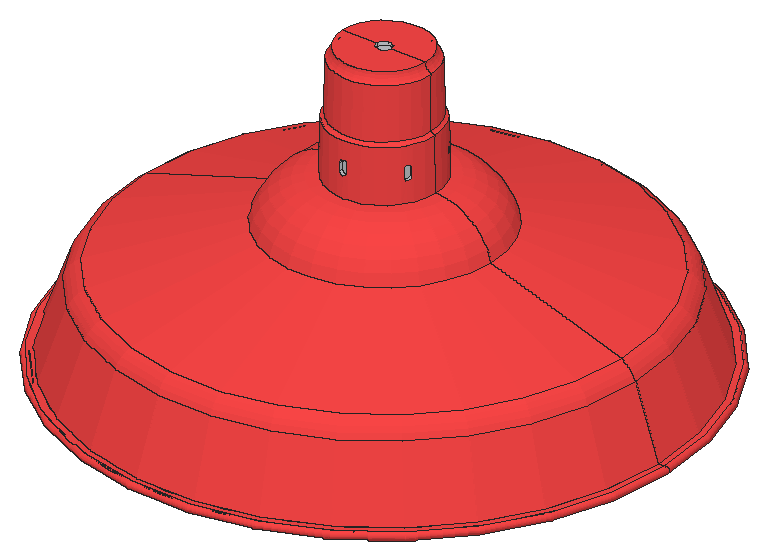
Revit family "V220 SHADE", category Lighting Fixtures, Revit 2024
Family settings
  Round Connector Dimension = Use Diameter
  Part Type = Normal
  OmniClass Number = 23.80.70.00
  OmniClass Title = Lighting
  Work Plane-Based = No
  Always vertical = Yes
  Cut with Voids When Loaded = No
  Light Source = Yes
  Maintain Annotation Orientation = No
  Shared = No
  Room Calculation Point = No
Parameters
  Wattage = 12.1178 W
  built-in parameter 1150110 = 1 (stored number, unit not read)
  built-in parameter 1114217 = 1 (stored number, unit not read)
  built-in parameter 1150109 = 1 (stored number, unit not read)
  built-in parameter 1150134 = (empty or 0)
  built-in parameter 1150113 = 1 (stored number, unit not read)
  Lumens = 1800 lm
  built-in parameter 1150115 = 1 (stored number, unit not read)
  built-in parameter 1150105 = 572.96 (stored number, unit not read)
  Light Source Symbol Size = 2' - 0"
  built-in parameter 1150137 = (empty or 0)
  built-in parameter 1150139 = (empty or 0)
  built-in parameter 1150112 = 1 (stored number, unit not read)
  built-in parameter 1150114 = 1 (stored number, unit not read)
  built-in parameter 1150132 = 2
  built-in parameter 1150102 = (empty or 0)
  built-in parameter 1150138 = (empty or 0)
  built-in parameter 1150107 = 3000 (stored number, unit not read)
  built-in parameter 1150106 = 5.7296 (stored number, unit not read)
  built-in parameter 1150104 = 13.8 (stored number, unit not read)
  Dimming Lamp Color Temperature Shift = (empty or 0)
  Default Elevation = 0' - 0"
  Color Filter = 16777215
  built-in parameter 1114218 = 1 (stored number, unit not read)
  built-in parameter 1150133 = 10 (stored number, unit not read)
Reference planes (in)
  plane 1 "Light Source Axis (F/B)": y = 0
  plane 2: z = 0
  plane 3 "Light Source Axis (L/R)": x = 0
  plane 4 "Light Source Elevation": z = 54
Forms (in)
  Revolve 1, solid
    sketch origin (0, 0, 0) x (1, 0, 0) y (0, 0, 1)
      loop
        arc (-9.875, 54.25) -> (-9.95155, 54.02618) -> (-9.75397, 54.15625) r 0.125
        line (-9.75397, 54.15625) -> (-9.58278, 54.15625) -> (-8.73447, 56.49121)
        arc (-8.73447, 56.49121) -> (-8.56152, 56.78217) -> (-8.29386, 56.98937) r 0.90625
        arc (-8.29386, 56.98937) -> (-6.0093, 57.78927) -> (-3.67284, 58.42172) r 33.42228
        arc (-3.67284, 58.42172) -> (-2.96155, 59.51742) -> (-1.71379, 59.90416) r 1.91941
        line (-1.71379, 59.90416) -> (-1.6859, 61.73644)
        arc (-1.6859, 61.73644) -> (-1.60943, 61.79639) -> (-1.55647, 61.87786) r 0.29615
        line (-1.55647, 61.87786) -> (-1.52942, 63.60769)
        arc (-1.52942, 63.60769) -> (-1.42493, 63.74465) -> (-1.36527, 63.90625) r 0.58012
        line (-1.36527, 63.90625) -> (-0.25, 63.90625) -> (-0.25, 64) -> (-1.44752, 64)
        arc (-1.44752, 64) -> (-1.49827, 63.80662) -> (-1.62252, 63.65) r 0.48637
        line (-1.62252, 63.65) -> (-1.64989, 61.9)
        arc (-1.64989, 61.9) -> (-1.70377, 61.83645) -> (-1.77869, 61.8) r 0.2024
        line (-1.77869, 61.8) -> (-1.80609, 60)
        arc (-1.80609, 60) -> (-3.0332, 59.58066) -> (-3.75, 58.5) r 2.01316
        arc (-3.75, 58.5) -> (-6.06663, 57.86963) -> (-8.3322, 57.07504) r 33.51603
        arc (-8.3322, 57.07504) -> (-8.63018, 56.84604) -> (-8.82259, 56.52322) r 1
        line (-8.82259, 56.52322) -> (-9.64846, 54.25) -> (-9.875, 54.25)
      axis (0, 64) -> (0, 54.15625)
    angle from 0 to 360
  Extrusion 2, void
    sketch origin (0, 0, 0) x (1, 0, 0) y (0, 0, 1)
      loop
        arc (0.125, 61.075) -> (0, 61.2) -> (-0.125, 61.075) r 0.125
        line (-0.125, 61.075) -> (-0.125, 60.825)
        arc (-0.125, 60.825) -> (0, 60.7) -> (0.125, 60.825) r 0.125
        line (0.125, 60.825) -> (0.125, 61.075)
    from 0 to 12
  Extrusion 3, void
    sketch origin (0, 0, 0) x (0.5, -0.866025, 0) y (0, 0, 1)
      loop
        arc (0.125, 61.075) -> (0, 61.2) -> (-0.125, 61.075) r 0.125
        line (-0.125, 61.075) -> (-0.125, 60.825)
        arc (-0.125, 60.825) -> (0, 60.7) -> (0.125, 60.825) r 0.125
        line (0.125, 60.825) -> (0.125, 61.075)
    from 0 to 12
  Extrusion 4, void
    sketch origin (0, 0, 0) x (0.5, 0.866025, 0) y (0, 0, 1)
      loop
        arc (0.125, 61.075) -> (0, 61.2) -> (-0.125, 61.075) r 0.125
        line (-0.125, 61.075) -> (-0.125, 60.825)
        arc (-0.125, 60.825) -> (0, 60.7) -> (0.125, 60.825) r 0.125
        line (0.125, 60.825) -> (0.125, 61.075)
    from 0 to 12
  Extrusion 5, void
    sketch origin (0, 0, 0) x (-0.5, 0.866025, 0) y (0, 0, 1)
      loop
        arc (0.125, 61.075) -> (0, 61.2) -> (-0.125, 61.075) r 0.125
        line (-0.125, 61.075) -> (-0.125, 60.825)
        arc (-0.125, 60.825) -> (0, 60.7) -> (0.125, 60.825) r 0.125
        line (0.125, 60.825) -> (0.125, 61.075)
    from 0 to 12
  Extrusion 6, void
    sketch origin (0, 0, 0) x (-1, 0, 0) y (0, 0, 1)
      loop
        arc (0.125, 61.075) -> (0, 61.2) -> (-0.125, 61.075) r 0.125
        line (-0.125, 61.075) -> (-0.125, 60.825)
        arc (-0.125, 60.825) -> (0, 60.7) -> (0.125, 60.825) r 0.125
        line (0.125, 60.825) -> (0.125, 61.075)
    from 0 to 12
  Extrusion 7, void
    sketch origin (0, 0, 0) x (-0.5, -0.866025, 0) y (0, 0, 1)
      loop
        arc (0.125, 61.075) -> (0, 61.2) -> (-0.125, 61.075) r 0.125
        line (-0.125, 61.075) -> (-0.125, 60.825)
        arc (-0.125, 60.825) -> (0, 60.7) -> (0.125, 60.825) r 0.125
        line (0.125, 60.825) -> (0.125, 61.075)
    from 0 to 12
Cuts and joins
  Extrusion 2, Extrusion 3, Extrusion 4, Extrusion 5, Extrusion 6, Extrusion 7 cuts Revolve 1
Dimensions and locks (in)
  aligned and locked: plane 3 "Light Source Axis (L/R)" to imposter light
  aligned and locked: plane 1 "Light Source Axis (F/B)" to imposter light
  aligned and locked: plane 4 "Light Source Elevation" to imposter light
  aligned and locked: level to plane 2
